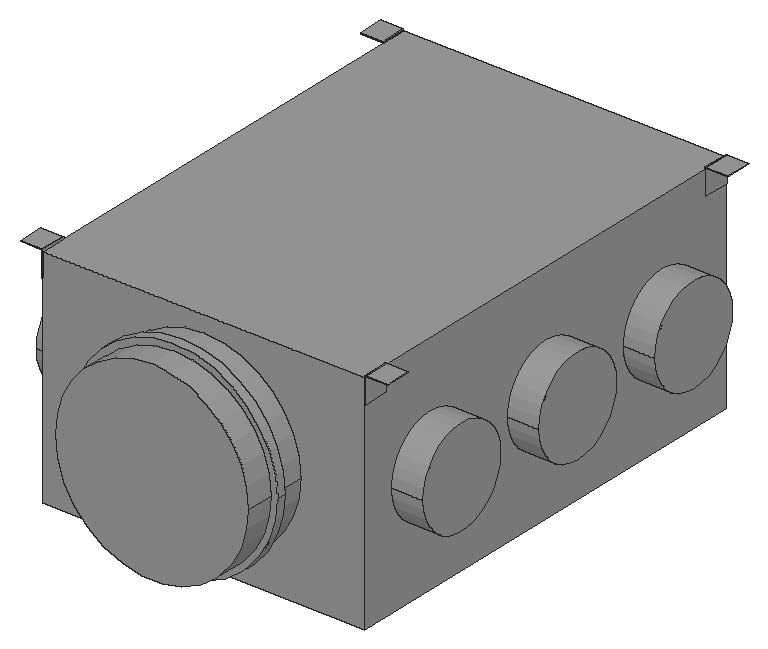
Revit family "SA_FASU(F7-150 300Φ)", category ダクト付属品, Revit 2021
Family settings
  丸型コネクタ寸法 = 直径を使用
  パーツ タイプ = ダンパー
  OmniClass 番号 = 23.75.00.00
  OmniClass タイトル = Climate Control (HVAC)
  作業面ベース = いいえ
  常に垂直 = はい
  ロード時にボイドで切り取り = いいえ
  共有 = いいえ
Parameters
  高さ = 350 mm
  風量 = 0.0 L/s
  符号 = "FASU"
  形式 = "F7-150 300φ"
  幅 [instance] = 500 mm
  奥行き = 700 mm
  大きさ = 250 mm
  呼称 = "FASUチャンバー"
  付属品_下端レベル [instance] = 0 mm
  マテリアル [instance] = 既定値
  ダクト_イン = 300 mm
  ダクト_アウト = 150 mm
  既定の高さ = 0 mm
Reference planes
  plane 1 "中心(正面/背面)": y = 0
  plane 2: z = 0
  plane 3 "中心(左/右)": x = 0
  plane 4: x = -250
  plane 5: x = 250
  plane 6: y = -700
  plane 7: z = 350
  plane 8: z = 175
  plane 9: z = 266.963
  plane 10: z = 86.159
  plane 11: x = -251
  plane 12: z = 313.122
  plane 13: z = 352.122
  plane 14: y = -350
Forms (mm)
  Extrusion 1, solid, material "既定値" <- "マテリアル"
    sketch origin (0, 0, 0) x (1, 0, 0) y (0, 1, 0)
      loop
        line (-250, 0) -> (-250, -700) -> (250, -700) -> (250, 0) -> (-250, 0)
    from 0 to 350
  Extrusion 2, solid, material "既定値" <- "マテリアル"
    sketch origin (0, -30, 0) x (1, 0, 0) y (0, 1, 0)
      loop
        line (-250, 30) -> (-251, 30) -> (-251, -10) -> (-250, -10) -> (-250, 30)
    from 313.122 to 350
  Extrusion 3, solid, material "既定値" <- "マテリアル"
    sketch origin (0, -30, 0) x (1, 0, 0) y (0, 1, 0)
      loop
        line (-285, 30) -> (-285, -10) -> (-251, -10) -> (-251, 30) -> (-285, 30)
    from 352.122 to 350
  Extrusion 4, solid, material "既定値" <- "マテリアル"
    sketch origin (0, -30, 0) x (-1, 0, 0) y (0, -1, 0)
      loop
        line (-250, -30) -> (-250, 10) -> (-251, 10) -> (-251, -30) -> (-250, -30)
    from 313.122 to 353.122
  Extrusion 5, solid, material "既定値" <- "マテリアル"
    sketch origin (0, -30, 0) x (-1, 0, 0) y (0, -1, 0)
      loop
        line (-285, -30) -> (-251, -30) -> (-251, 10) -> (-285, 10) -> (-285, -30)
    from 352.122 to 353.122
  Extrusion 6, solid, material "既定値" <- "マテリアル"
    sketch origin (0, -490, 0) x (1, 0, 0) y (0, 1, 0)
      loop
        line (-285, -170) -> (-285, -210) -> (-251, -210) -> (-251, -170) -> (-285, -170)
    from 352.122 to 353.122
  Extrusion 7, solid, material "既定値" <- "マテリアル"
    sketch origin (0, -490, 0) x (1, 0, 0) y (0, 1, 0)
      loop
        line (-250, -170) -> (-251, -170) -> (-251, -210) -> (-250, -210) -> (-250, -170)
    from 313.122 to 353.122
  Extrusion 8, solid, material "既定値" <- "マテリアル"
    sketch origin (0, -490, 0) x (-1, 0, 0) y (0, -1, 0)
      loop
        line (-285, 170) -> (-251, 170) -> (-251, 210) -> (-285, 210) -> (-285, 170)
    from 352.122 to 353.122
  Extrusion 9, solid, material "既定値" <- "マテリアル"
    sketch origin (0, -490, 0) x (-1, 0, 0) y (0, -1, 0)
      loop
        line (-250, 170) -> (-250, 210) -> (-251, 210) -> (-251, 170) -> (-250, 170)
    from 313.122 to 353.122
  Extrusion 10, solid, material "既定値" <- "マテリアル"
    sketch origin (550, -582.5, 0) x (0, -1, 0) y (0, 0, -1)
      loop
        circle (-232.5, -175) r 74.985
    from -300 to -250
  Extrusion 11, solid, material "既定値" <- "マテリアル"
    sketch origin (-550, -582.5, 0) x (0, -1, 0) y (0, 0, 1)
      loop
        circle (-232.5, 175) r 74.985
    from -300 to -250
  Extrusion 12, solid, material "既定値" <- "マテリアル"
    sketch origin (0, -700, 0) x (1, 0, 0) y (0, 0, 1)
      loop
        circle (0, 175) r 150
    from 0 to 42.5
  Extrusion 13, solid, material "既定値" <- "マテリアル"
    sketch origin (0, -743, 0) x (1, 0, 0) y (0, 0, 1)
      loop
        circle (0, 175) r 160
    from -0.5 to 14.5
  Extrusion 14, solid, material "既定値" <- "マテリアル"
    sketch origin (0, -757.5, 0) x (1, 0, 0) y (0, 0, 1)
      loop
        circle (0, 175) r 150
    from 0 to 42.5
  Extrusion 15, solid, material "既定値" <- "マテリアル"
    sketch origin (550, -357.5, 0) x (0, -1, 0) y (0, 0, -1)
      loop
        circle (-232.5, -175) r 74.985
    from -300 to -250
  Extrusion 16, solid, material "既定値" <- "マテリアル"
    sketch origin (-550, -357.5, 0) x (0, -1, 0) y (0, 0, 1)
      loop
        circle (-232.5, 175) r 74.985
    from -300 to -250
  Extrusion 17, solid, material "既定値" <- "マテリアル"
    sketch origin (550, -142.5, 0) x (0, 1, 0) y (0, 0, 1)
      loop
        circle (-432.5, 175) r 74.985
    from -300 to -250
  Extrusion 18, solid, material "既定値" <- "マテリアル"
    sketch origin (0, -142.5, 0) x (0, 1, 0) y (0, 0, 1)
      loop
        circle (-432.5, 175) r 74.985
    from -300 to -250
  Extrusion 19, solid, material "既定値" <- "マテリアル"
    sketch origin (232.5, 300, 0) x (1, 0, 0) y (0, 0, -1)
      loop
        circle (-232.5, -175) r 74.985
    from -300 to -250
Lines and regions (mm)
  model lines
    curve 1: line (-250, -30, 0) -> (250, -30, 0)
    curve 2: line (-250, -670, 0) -> (250, -670, 0)
Text (mm)
  text "FASU(F7-150 300Φ)" at (3.713, -630.412, 0), in view "参照レベル"
Dimensions and locks
  equal spacing: plane 4, plane 3 "中心(左/右)", plane 5
  "幅": plane 4 to plane 5
  "奥行き": plane 6 to plane 1 "中心(正面/背面)"
  "高さ": plane 7 to level
  equal spacing: plane 7, plane 8, level
  equal spacing: plane 6, plane 14, plane 1 "中心(正面/背面)"
  aligned and locked: level to plane 2
  aligned and locked: Extrusion 1 sketch curve to plane 5
  aligned and locked: plane 7 to Extrusion 1
  aligned and locked: Extrusion 2 sketch curve to Extrusion 1
  aligned and locked: plane 7 to Extrusion 2
  aligned and locked: Extrusion 3 sketch curve to Extrusion 2
  aligned and locked: Extrusion 2 to Extrusion 3 sketch curve
  aligned and locked: plane 7 to Extrusion 3
  aligned and locked: Extrusion 3 to plane 13
  aligned and locked: Extrusion 4 to Extrusion 5 sketch curve
  aligned and locked: Extrusion 5 sketch curve to Extrusion 4
  aligned and locked: Extrusion 1 to Extrusion 8
  aligned and locked: Extrusion 6 to Extrusion 1
  aligned and locked: Extrusion 7 to Extrusion 1
  aligned and locked: Extrusion 1 to Extrusion 9
  aligned and locked: Extrusion 9 to Extrusion 8
  aligned and locked: Extrusion 7 to Extrusion 6
  aligned and locked: plane 4 to Extrusion 7
  aligned and locked: Extrusion 9 to plane 5
  aligned and locked: plane 4 to curve 1
  aligned and locked: plane 5 to curve 1
  aligned and locked: plane 5 to curve 2
  aligned and locked: Extrusion 1 to Extrusion 3
  aligned and locked: Extrusion 5 to Extrusion 1
  aligned and locked: Extrusion 4 to plane 5
  aligned and locked: Extrusion 1 to plane 6
  aligned and locked: Extrusion 1 to plane 1 "中心(正面/背面)"
  aligned and locked: plane 6 to Extrusion 12
  aligned and locked: Extrusion 15 to plane 5
  aligned and locked: plane 4 to Extrusion 16
  aligned and locked: Extrusion 17 to plane 5
  aligned and locked: plane 4 to Extrusion 18
Automatic sketch dimensions
  curve 2 to plane 4 = 0 mm
  plane 6 to curve 2 = 30 mm
  plane 1 "中心(正面/背面)" to curve 1 = 30 mm
  Extrusion 1 sketch curve to plane 4 = 0 mm
  Extrusion 1 sketch curve to plane 6 = 0 mm
  plane 1 "中心(正面/背面)" to Extrusion 1 sketch curve = 0 mm
  plane 1 "中心(正面/背面)" to Extrusion 2 sketch curve = 0 mm
  Extrusion 2 sketch curve to plane 11 = 0 mm
  Extrusion 2 sketch curve to Extrusion 2 sketch curve = 40 mm
  plane 1 "中心(正面/背面)" to Extrusion 3 sketch curve = 0 mm
  Extrusion 3 sketch curve to Extrusion 3 sketch curve = 34 mm
  plane 1 "中心(正面/背面)" to Extrusion 4 sketch curve = 0 mm
  Extrusion 4 sketch curve to plane 5 = 0 mm
  Extrusion 4 sketch curve to Extrusion 4 sketch curve = 1 mm
  Extrusion 4 sketch curve to Extrusion 4 sketch curve = 40 mm
  plane 1 "中心(正面/背面)" to Extrusion 5 sketch curve = 0 mm
  Extrusion 5 sketch curve to Extrusion 5 sketch curve = 34 mm
  Extrusion 6 sketch curve to plane 6 = 0 mm
  Extrusion 6 sketch curve to plane 11 = 0 mm
  Extrusion 6 sketch curve to plane 11 = 34 mm
  plane 6 to Extrusion 6 sketch curve = 40 mm
  Extrusion 7 sketch curve to plane 11 = 0 mm
  Extrusion 7 sketch curve to plane 4 = 0 mm
  Extrusion 7 sketch curve to plane 6 = 0 mm
  plane 6 to Extrusion 7 sketch curve = 40 mm
  Extrusion 8 sketch curve to plane 6 = 0 mm
  Extrusion 8 sketch curve to plane 5 = 35 mm
  Extrusion 8 sketch curve to plane 5 = 1 mm
  Extrusion 8 sketch curve to Extrusion 8 sketch curve = 40 mm
  Extrusion 9 sketch curve to plane 6 = 0 mm
  Extrusion 9 sketch curve to plane 5 = 0 mm
  Extrusion 9 sketch curve to Extrusion 9 sketch curve = 1 mm
  Extrusion 9 sketch curve to Extrusion 9 sketch curve = 40 mm
  Extrusion 10 sketch curve to plane 8 = 0 mm
  Extrusion 10 sketch curve to plane 14 = 0 mm
  Extrusion 11 sketch curve to plane 8 = 0 mm
  Extrusion 11 sketch curve to plane 14 = 0 mm
  Extrusion 12 sketch curve to plane 3 "中心(左/右)" = 0 mm
  Extrusion 12 sketch curve to plane 8 = 0 mm
  Extrusion 13 sketch curve to plane 3 "中心(左/右)" = 0 mm
  Extrusion 13 sketch curve to plane 8 = 0 mm
  Extrusion 14 sketch curve to plane 3 "中心(左/右)" = 0 mm
  Extrusion 14 sketch curve to plane 8 = 0 mm
  Extrusion 15 sketch curve to plane 8 = 0 mm
  plane 1 "中心(正面/背面)" to Extrusion 15 sketch curve = 125 mm
  Extrusion 16 sketch curve to plane 8 = 0 mm
  plane 1 "中心(正面/背面)" to Extrusion 16 sketch curve = 125 mm
  Extrusion 17 sketch curve to plane 8 = 0 mm
  plane 6 to Extrusion 17 sketch curve = 125 mm
  Extrusion 18 sketch curve to plane 8 = 0 mm
  plane 6 to Extrusion 18 sketch curve = 125 mm
  Extrusion 19 sketch curve to plane 3 "中心(左/右)" = 0 mm
  Extrusion 19 sketch curve to plane 8 = 0 mm
  radius of Extrusion 10 sketch curve = 74.985 mm
  radius of Extrusion 11 sketch curve = 74.985 mm
  radius of Extrusion 12 sketch curve = 150 mm
  radius of Extrusion 13 sketch curve = 160 mm
  radius of Extrusion 14 sketch curve = 150 mm
  radius of Extrusion 15 sketch curve = 74.985 mm
  radius of Extrusion 16 sketch curve = 74.985 mm
  radius of Extrusion 17 sketch curve = 74.985 mm
  radius of Extrusion 18 sketch curve = 74.985 mm
  radius of Extrusion 19 sketch curve = 74.985 mm
Connectors
  hvac at (-300, -575, 175), driven by "ダクト_アウト"
    settings: on Extrusion 18, index 1, duct flow 0.0 L/s, flow factor 0, pres drop 0.0 Pa, loss coef 0, conn angle 0.00°, conn width 304.8 mm, conn height 304.8 mm, conn diameter 150 mm, duct sys type 29, conn prof type 0, flow config 0, flow direction 2, loss method 0, conn ref index -1, conn util no, is conn primary yes, conn desc ""
  hvac at (-300, -350, 175), driven by "ダクト_アウト"
    settings: on Extrusion 11, index 2, duct flow 0.0 L/s, flow factor 0, pres drop 0.0 Pa, loss coef 0, conn angle 0.00°, conn width 304.8 mm, conn height 304.8 mm, conn diameter 150 mm, duct sys type 29, conn prof type 0, flow config 0, flow direction 2, loss method 0, conn ref index -1, conn util no, is conn primary no, conn desc ""
  hvac at (-300, -125, 175), driven by "ダクト_アウト"
    settings: on Extrusion 16, index 3, duct flow 0.0 L/s, flow factor 0, pres drop 0.0 Pa, loss coef 0, conn angle 0.00°, conn width 304.8 mm, conn height 304.8 mm, conn diameter 150 mm, duct sys type 29, conn prof type 0, flow config 0, flow direction 2, loss method 0, conn ref index -1, conn util no, is conn primary no, conn desc ""
  hvac at (0, 50, 175), driven by "ダクト_アウト"
    settings: on Extrusion 19, index 4, duct flow 0.0 L/s, flow factor 0, pres drop 0.0 Pa, loss coef 0, conn angle 0.00°, conn width 304.8 mm, conn height 304.8 mm, conn diameter 150 mm, duct sys type 29, conn prof type 0, flow config 0, flow direction 2, loss method 0, conn ref index -1, conn util no, is conn primary no, conn desc ""
  hvac at (300, -125, 175), driven by "ダクト_アウト"
    settings: on Extrusion 15, index 5, duct flow 0.0 L/s, flow factor 0, pres drop 0.0 Pa, loss coef 0, conn angle 0.00°, conn width 304.8 mm, conn height 304.8 mm, conn diameter 150 mm, duct sys type 29, conn prof type 0, flow config 0, flow direction 2, loss method 0, conn ref index -1, conn util no, is conn primary no, conn desc ""
  hvac at (300, -350, 175), driven by "ダクト_アウト"
    settings: on Extrusion 10, index 6, duct flow 0.0 L/s, flow factor 0, pres drop 0.0 Pa, loss coef 0, conn angle 0.00°, conn width 304.8 mm, conn height 304.8 mm, conn diameter 150 mm, duct sys type 29, conn prof type 0, flow config 0, flow direction 2, loss method 0, conn ref index -1, conn util no, is conn primary no, conn desc ""
  hvac at (300, -575, 175), driven by "ダクト_アウト"
    settings: on Extrusion 17, index 7, duct flow 0.0 L/s, flow factor 0, pres drop 0.0 Pa, loss coef 0, conn angle 0.00°, conn width 304.8 mm, conn height 304.8 mm, conn diameter 150 mm, duct sys type 29, conn prof type 0, flow config 0, flow direction 2, loss method 0, conn ref index -1, conn util no, is conn primary no, conn desc ""
  hvac at (0, -800, 175), driven by "ダクト_イン"
    settings: on Extrusion 14, index 8, duct flow 0.0 L/s, flow factor 0, pres drop 0.0 Pa, loss coef 0, conn angle 0.00°, conn width 304.8 mm, conn height 304.8 mm, conn diameter 300 mm, duct sys type 29, conn prof type 0, flow config 0, flow direction 1, loss method 0, conn ref index -1, conn util no, is conn primary no, conn desc ""
